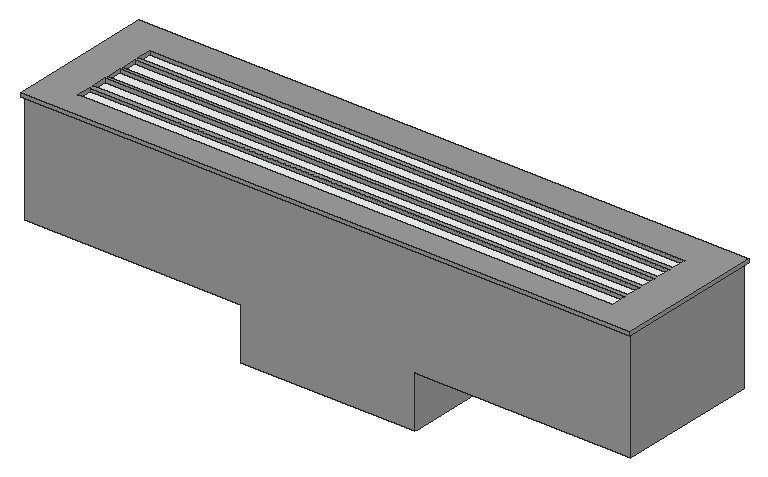
Revit family "33052_HOST_FACE", category Lighting Fixtures, host Face, Revit 2015
Parameters (values of type "Recessed Luminaires - Rectangluar")
  Wattage = 0.760728 W
  built-in parameter 1150110 = 1 (stored number, unit not read)
  URL = "www.bega-us.com"
  built-in parameter 1114217 = 1 (stored number, unit not read)
  Tilt Angle = 90.00°
  built-in parameter 1150109 = 1 (stored number, unit not read)
  built-in parameter 1150134 = (empty or 0)
  Telephone = "805.684.0533"
  built-in parameter 1150113 = 1 (stored number, unit not read)
  Photometric Web File = "33052.ies"
  Model = "33 052"
  Manufacturer = "BEGA-US"
  built-in parameter 1150105 = 8.9923 (stored number, unit not read)
  Lumens = 113 lm
  built-in parameter 1150115 = 1 (stored number, unit not read)
  built-in parameter 1150137 = (empty or 0)
  built-in parameter 1150139 = (empty or 0)
  built-in parameter 1150112 = 1 (stored number, unit not read)
  built-in parameter 1150114 = 1 (stored number, unit not read)
  Lamp = "9.8W LED"
  built-in parameter 1150132 = 2
  built-in parameter 1150102 = (empty or 0)
  built-in parameter 1150107 = 3000 (stored number, unit not read)
  built-in parameter 1150138 = (empty or 0)
  built-in parameter 1150106 = 0.089923 (stored number, unit not read)
  built-in parameter 1150104 = 13.8 (stored number, unit not read)
  Dimming Lamp Color Temperature Shift = <None>
  Description = "LED recessed wall - shielded"
  Default Elevation = 0' - 0"
  Color Filter = 16777215
  built-in parameter 1114218 = 1 (stored number, unit not read)
  built-in parameter 1150133 = 10 (stored number, unit not read)
Types (5): name | Wattage | built-in parameter 1150134 | Photometric Web File | Model | built-in parameter 1150105 | Lumens | Lamp | built-in parameter 1150107 | built-in parameter 1150106 | Description | Default Elevation
  (no name) | 0.760728 W | (empty or 0) | "33052.ies" | "33 052" | 8.9923 (stored number, unit not read) | 113 lm | "9.8W LED" | 3000 (stored number, unit not read) | 0.089923 (stored number, unit not read) | "LED recessed wall - shielded" | 0' - 0"
  Wall Luminaires - Directed Light | 18.4392 W | (empty or 0) | "generic" | "2260LED" | 217.96 (stored number, unit not read) | 2739 lm | "44.6W LED" | 3000 (stored number, unit not read) | 2.1796 (stored number, unit not read) | "Surface wall with cutoff optics" | 6' - 0"
  Wall Luminaires - Linear | 9.92985 W | 9 | "generic" | "4425P" | 117.38 (stored number, unit not read) | 1475 lm | "(1) 39W CF twin-4-p" | 3450 (stored number, unit not read) | 1.1738 (stored number, unit not read) | "Suface wall - linear with white acrylic diffuser" | 6' - 0"
  Ceiling and Wall Luminaires - Unshielded | 2.66591 W | (empty or 0) | "33508.ies" | "33 508" | 31.513 (stored number, unit not read) | 396 lm | "8.4W LED" | 3000 (stored number, unit not read) | 0.31513 (stored number, unit not read) | "LED ceiling and wall luminaires - impact resistant" | 6' - 0"
  Recessed Luminaires - Rectangluar | 0.760728 W | (empty or 0) | "33052.ies" | "33 052" | 8.9923 (stored number, unit not read) | 113 lm | "9.8W LED" | 3000 (stored number, unit not read) | 0.089923 (stored number, unit not read) | "LED recessed wall - shielded" | 0' - 0"
Reference planes (in)
  plane 1 "Center (Front/Back)": y = 0
  plane 2: z = 0
  plane 3 "Center (Left/Right)": x = 0
Dimensions and locks (in)
  aligned and locked: plane 2 to host face
  aligned and locked: level to host face
Nested families (in)
  nested 1: "33052" at (0, 0, 0), type "33052"
Connectors (in)
  electrical at (0, 0, 0)
    settings: on host face, index 1, voltage 0 V, apparent load 0 VA, apparent load phase1 0 VA, apparent load phase2 0 VA, apparent load phase3 0 VA, power factor 1, load classification "Other", number of poles 1, system type 31, power factor state 1, is connector primary yes, connector utility no, sub classification motor no, connector description ""
Definition of nested family "33052"
  Reference planes (in)
    plane 1 "Center (Front/Back)": y = 0
    plane 2: z = 0
    plane 3 "Center (Left/Right)": x = 0
  Forms (in)
    Extrusion 1, solid
      sketch origin (0, 0, 0) x (1, 0, 0) y (0, 1, 0)
        loop
          line (10.25, 2.5) -> (-10.25, 2.5) -> (-10.25, -2.5) -> (10.25, -2.5) -> (10.25, 2.5)
        loop
          line (-9, 1.375) -> (-9, 0.875) -> (9, 0.875) -> (9, 1.375) -> (-9, 1.375)
        loop
          line (-9, 0.75) -> (-9, 0.25) -> (9, 0.25) -> (9, 0.75) -> (-9, 0.75)
        loop
          line (-9, 0.125) -> (-9, -0.375) -> (9, -0.375) -> (9, 0.125) -> (-9, 0.125)
        loop
          line (-9, -0.5) -> (-9, -1) -> (9, -1) -> (9, -0.5) -> (-9, -0.5)
        loop
          line (-9, -1.125) -> (-9, -1.625) -> (9, -1.625) -> (9, -1.125) -> (-9, -1.125)
      from 0 to 0.125
    Extrusion 2, solid
      sketch origin (0, 0, 0) x (0, 1, 0) y (0, 0, 1)
        loop
          line (1.375, 0) -> (-1.625, 0) -> (-1.625, -0.25) -> (1.375, -0.25) -> (1.375, 0)
      from -9 to 9
    Extrusion 3, solid
      sketch origin (0, 0, 0) x (1, 0, 0) y (0, 0, 1)
        loop
          line (0, -5.5) -> (2.9375, -5.5) -> (2.9375, -3.75) -> (10.1875, -3.75) -> (10.1875, 0) -> (10.0625, 0) -> (10.0625, -3.625) -> (2.8125, -3.625) -> (2.8125, -5.375) -> (0, -5.375) -> (-2.8125, -5.375) -> (-2.8125, -3.625) -> (-10.0625, -3.625) -> (-10.0625, 0) -> (-10.1875, 0) -> (-10.1875, -3.75) -> (-2.9375, -3.75) -> (-2.9375, -5.5) -> (0, -5.5)
      from -2.375 to 2.375
    Extrusion 4, solid
      sketch origin (0, 0, 0) x (1, 0, 0) y (0, 0, 1)
        loop
          line (-10.1875, 0) -> (-10.1875, -3.75) -> (-2.9375, -3.75) -> (-2.9375, -5.5) -> (2.9375, -5.5) -> (2.9375, -3.75) -> (10.1875, -3.75) -> (10.1875, 0) -> (-10.1875, 0)
      from 2.25 to 2.375
    Extrusion 5, solid
      sketch origin (0, 0, 0) x (1, 0, 0) y (0, 0, -1)
        loop
          line (-10.1875, 0) -> (10.1875, 0) -> (10.1875, 3.75) -> (2.9375, 3.75) -> (2.9375, 5.5) -> (-2.9375, 5.5) -> (-2.9375, 3.75) -> (-10.1875, 3.75) -> (-10.1875, 0)
      from 2.25 to 2.375
  Cuts and joins
    joined: Extrusion 3, Extrusion 4, Extrusion 5
  Dimensions and locks (in)
    aligned and locked: plane 2 to level
